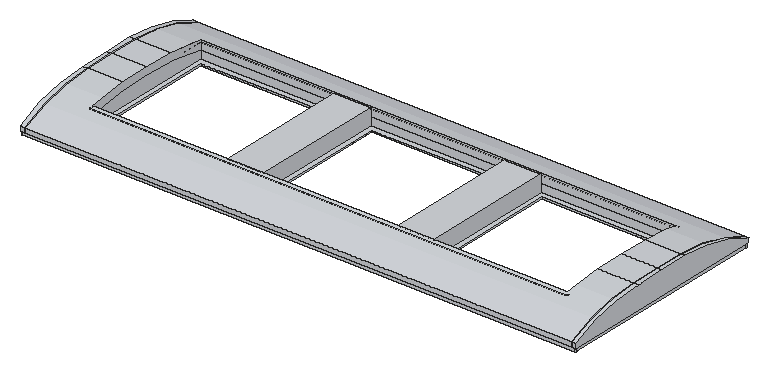
Revit family "Gira_0213763", category Electrical Fixtures, host Face, Revit 2017
Family settings
  Host = Face
  Maintain Annotation Orientation = No
  Round Connector Dimension = Use Diameter
  Part Type = Normal
  Cut with Voids When Loaded = No
  Shared = No
  Room Calculation Point = No
Parameters (values of type "Cov.fr. 3-g interm.fr. PW Gira Event Clear brown")
  With mounting grid = "No"
  With hinged lid = "No"
  URL = "http://katalog.gira.de/en/datenblatt.html?artikelnr=0213763"
  Type of fastening = "Clamp mounting"
  Transparent = "No"
  Surface protection = "Other"
  Surface finishing = "Glossy"
  Suitable for wall duct = "No"
  Suitable for flush-mounted installation = "Yes"
  Suitable for floor box = "No"
  Suitable for built-in installation = "No"
  Number of units vertical = "3"
  Number of units horizontal = "3"
  Number of units = "3"
  Name = "Cov.fr. 3-g interm.fr. PW Gira Event Clear brown"
  Mounting direction = "Horizontal and vertical"
  Material quality = "Thermoplastic"
  Material = "Plastic"
  Manufacturer URL = "https://www.gira.de/"
  Manufacturer = "Gira"
  Label space/information surface = "No"
  Keynote = ""
  HeinzeBIM = "https://bimportal.heinze.de/bim/cov-fr-3-g-interm-fr-pw-gira-event-clear-brown/d1ae89ef70610aae7ddfecf6ec6819ed856df4fa"
  Halogen free = "Yes"
  HAN = "0213763"
  GTIN = "4010337069379"
  Description = "Cov.fr.3g i.fr.PW EvCl BN,Gira Event Clear cover frame,brown with pure white glossy intermediate frame,3-gang,Features:,- Shatter-proof."
  Degree of protection (IP) = "IP20"
  Default Elevation = 1219.2 mm
  Data sheet (1) = "https://katalog.gira.de/en/download.html?artikelnr=0213763"
  Colour = "Brown"
  Category = "Cover frame for domestic switching devices"
  BIM (1) = "https://media.stage.bim.site/public/gira/36a6b08/Event_Rahmen_3fach.rfa"
  Available = "No"
Reference planes
  plane 1 "Center (Front/Back)": y = 0
  plane 2: z = 0
  plane 3 "Center (Left/Right)": x = 0
Forms (mm)
  Extrusion 1, solid, detail levels fine
    sketch origin (0, 0, 0.05) x (0, 1, 0) y (0, 0, 1)
      loop
        arc (12.445, 9.683) -> (6.223, 9.833) -> (0, 9.85) r 291.636
        arc (0, 9.85) -> (-6.223, 9.833) -> (-12.445, 9.683) r 291.636
        arc (-12.445, 9.683) -> (-29.14, 7.482) -> (-45, 1.823) r 79.728
        line (-45, 1.823) -> (-45, -0.05) -> (-42.086, -0.05)
        arc (-42.086, -0.05) -> (-21.385, 5.559) -> (0, 7.206) r 114.424
        arc (0, 7.206) -> (21.385, 5.559) -> (42.086, -0.05) r 114.424
        line (42.086, -0.05) -> (45, -0.05) -> (45, 1.823)
        arc (45, 1.823) -> (29.14, 7.482) -> (12.445, 9.683) r 79.728
    from -114.3 to 114.3
  Extrusion 2, void, detail levels fine
    sketch origin (0, 0, 0) x (1, 0, 0) y (0, 1, 0)
      loop
        line (-99.355, -28.053) -> (99.355, -28.053) -> (99.355, 28.053) -> (-99.355, 28.053) -> (-99.355, -28.053)
    from 0.724 to 11
  Extrusion 3, solid, detail levels coarse
    sketch origin (0, 0, 0) x (1, 0, 0) y (0, 1, 0)
      loop
        line (-116.3, 45) -> (-116.3, -45) -> (116.3, -45) -> (116.3, 45) -> (-116.3, 45)
    from -1.5 to 9.9
  Extrusion 4, solid, detail levels medium
    sketch origin (0, 0, 0.05) x (0, 1, 0) y (0, 0, 1)
      loop
        arc (12.445, 9.683) -> (6.223, 9.833) -> (0, 9.85) r 291.636
        arc (0, 9.85) -> (-6.223, 9.833) -> (-12.445, 9.683) r 291.636
        arc (-12.445, 9.683) -> (-29.14, 7.482) -> (-45, 1.823) r 79.728
        line (-45, 1.823) -> (-45, -0.05) -> (45, -0.05) -> (45, 1.823)
        arc (45, 1.823) -> (29.14, 7.482) -> (12.445, 9.683) r 79.728
    from -116.3 to 116.3
  Extrusion 5, solid, detail levels fine
    sketch origin (-71.3, 0, -1.5) x (0, 1, 0) y (0, 0, -1)
      loop
        line (45, -3.373) -> (45, -1.5) -> (-45, -1.5) -> (-45, -3.373)
        arc (-45, -3.373) -> (-29.14, -9.032) -> (-12.445, -11.233) r 79.728
        arc (-12.445, -11.233) -> (-6.223, -11.383) -> (0, -11.4) r 291.636
        arc (0, -11.4) -> (6.223, -11.383) -> (12.445, -11.233) r 291.636
        arc (12.445, -11.233) -> (29.14, -9.032) -> (45, -3.373) r 79.728
    from 43 to 45
  Extrusion 6, solid, detail levels fine
    sketch origin (0, 0, 0) x (1, 0, 0) y (0, 1, 0)
      loop
        line (-97.195, 25.7) -> (-97.195, -25.7) -> (-45.395, -25.7) -> (-45.395, 25.7) -> (-97.195, 25.7)
      loop
        line (25.9, -25.7) -> (25.9, 25.7) -> (-25.9, 25.7) -> (-25.9, -25.7) -> (25.9, -25.7)
      loop
        line (-100.19, 28.49) -> (-100.19, -28.495)
        spline (-100.19, -28.495) -> (-100.181, -28.625) -> (-100.156, -28.754) -> (-100.113, -28.878) -> (-100.056, -28.995) -> (-99.983, -29.104) -> (-99.897, -29.202) -> (-99.798, -29.288) -> (-99.69, -29.361) -> (-99.572, -29.419) -> (-99.448, -29.461) -> (-99.32, -29.486) -> (-99.19, -29.495)
        line (-99.19, -29.495) -> (99.195, -29.495)
        spline (99.195, -29.495) -> (99.325, -29.486) -> (99.454, -29.461) -> (99.578, -29.419) -> (99.695, -29.361) -> (99.804, -29.288) -> (99.902, -29.202) -> (99.988, -29.104) -> (100.061, -28.995) -> (100.119, -28.878) -> (100.161, -28.754) -> (100.186, -28.625) -> (100.195, -28.495)
        line (100.195, -28.495) -> (100.195, 28.49)
        spline (100.195, 28.49) -> (100.186, 28.62) -> (100.161, 28.748) -> (100.119, 28.872) -> (100.061, 28.99) -> (99.988, 29.098) -> (99.902, 29.197) -> (99.804, 29.283) -> (99.695, 29.356) -> (99.578, 29.413) -> (99.454, 29.456) -> (99.325, 29.481) -> (99.195, 29.49)
        line (99.195, 29.49) -> (-99.19, 29.49)
        spline (-99.19, 29.49) -> (-99.32, 29.481) -> (-99.448, 29.456) -> (-99.572, 29.413) -> (-99.69, 29.356) -> (-99.798, 29.283) -> (-99.897, 29.197) -> (-99.983, 29.098) -> (-100.056, 28.99) -> (-100.113, 28.872) -> (-100.156, 28.748) -> (-100.181, 28.62) -> (-100.19, 28.49)
      loop
        line (97.2, -25.7) -> (97.2, 25.7) -> (45.4, 25.7) -> (45.4, -25.7) -> (97.2, -25.7)
    from 0.1 to 7.3
  Extrusion 7, solid
    sketch origin (0, 0, 0) x (1, 0, 0) y (0, 1, 0)
      loop
        arc (-116, -44.2) -> (-115.854, -44.554) -> (-115.5, -44.7) r 0.5
        line (-115.5, -44.7) -> (115.5, -44.7)
        arc (115.5, -44.7) -> (115.854, -44.554) -> (116, -44.2) r 0.5
        line (116, -44.2) -> (116, 44.2)
        arc (116, 44.2) -> (115.854, 44.554) -> (115.5, 44.7) r 0.5
        line (115.5, 44.7) -> (-115.5, 44.7)
        arc (-115.5, 44.7) -> (-115.854, 44.554) -> (-116, 44.2) r 0.5
        line (-116, 44.2) -> (-116, -44.2)
      loop
        line (-114.3, 43) -> (-114.3, -43) -> (114.3, -43) -> (114.3, 43) -> (-114.3, 43)
    from -1.5 to 0.5
  Extrusion 8, solid, detail levels fine
    sketch origin (71.3, 0, -1.5) x (0, 1, 0) y (0, 0, 1)
      loop
        arc (45, 3.373) -> (29.14, 9.032) -> (12.445, 11.233) r 79.728
        arc (12.445, 11.233) -> (6.223, 11.383) -> (0, 11.4) r 291.636
        arc (0, 11.4) -> (-6.223, 11.383) -> (-12.445, 11.233) r 291.636
        arc (-12.445, 11.233) -> (-29.14, 9.032) -> (-45, 3.373) r 79.728
        line (-45, 3.373) -> (-45, 1.5) -> (45, 1.5) -> (45, 3.373)
    from 43 to 45
  Extrusion 9, solid, detail levels medium
    sketch origin (0, 0, 0) x (1, 0, 0) y (0, 1, 0)
      loop
        line (-116, -44.7) -> (116, -44.7) -> (116, 44.7) -> (-116, 44.7) -> (-116, -44.7)
    from -1.5 to 0.5
  Extrusion 10, solid, detail levels fine
    sketch origin (-34.207, 0, 0) x (1, 0, 0) y (0, 1, 0)
      loop
        line (-8.943, 28.063) -> (-8.943, -27.937) -> (6.057, -27.937) -> (6.057, 28.063) -> (-8.943, 28.063)
    from 0.724 to 7.566
  Extrusion 11, solid, detail levels fine
    sketch origin (34.207, 0, 0) x (-1, 0, 0) y (0, -1, 0)
      loop
        line (-8.943, -28.063) -> (6.057, -28.063) -> (6.057, 27.937) -> (-8.943, 27.937) -> (-8.943, -28.063)
    from 0.724 to 7.566
Cuts and joins
  Extrusion 2 cuts Extrusion 1
  Extrusion 2 cuts Extrusion 6
Dimensions and locks
  aligned and locked: plane 2 to host face
  aligned and locked: level to host face
